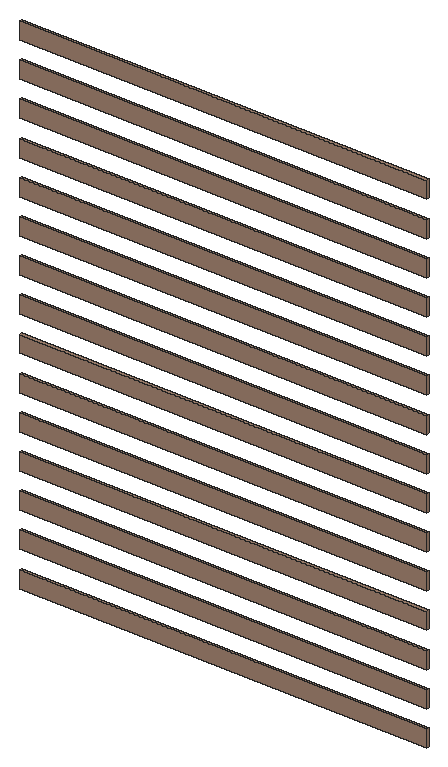
Revit family "KLS - wooden curtain wall", category Curtain Panels, Revit 2014
Parameters
  plank_number [instance] = panel_height / 300 mm  # 15
  panel_height [instance] = 4500 mm
  C_KLS_Length_CW [instance] = 3600 mm
Reference planes
  plane 1 "Center (Front/Back)": y = 0
  plane 2: z = 0
  plane 3 "Center (Left/Right)": x = 0
  plane 4 "Left": x = -1800
  plane 5 "Right": x = 1800
  plane 6 "Top": z = 4500
Text (mm)
  text "Exterior" at (-2351.972, 1416.179, 0), in view "Ref. Level"
  text "Exterior" at (0, 2290.741, 4406.713), in view "Left"
  text "Exterior" at (0, 1328.187, 4120.349), in view "Right"
Dimensions and locks
  equal spacing: plane 4 "Left", plane 3 "Center (Left/Right)", plane 5 "Right"
  "panel_height": plane 2 to plane 6 "Top"
  "C_KLS_Length_CW": plane 4 "Left" to plane 5 "Right"
  equal spacing: group 1, group 3, group 4, group 5, group 6, group 7, group 8, group 9, group 10, group 11, group 12, group 13, group 14, group 15, group 2  (x3)
  aligned and locked: level to plane 2
  aligned and locked: nested 1 to plane 2
  aligned and locked: nested 1 to plane 5 "Right"
  aligned and locked: nested 1 to plane 4 "Left"
  aligned and locked: nested 2 to plane 6 "Top"
  aligned and locked: nested 2 to plane 4 "Left"
  aligned and locked: nested 2 to plane 5 "Right"
Nested families
  nested 1: "KLS - plank_curtain wall panel" at (-1800, 0, 0), length <- "C_KLS_Length_CW", type "KLS - plank 2cmx15cm_wood"
    with length 3600 mm
  nested 2: "KLS - plank_curtain wall panel" at (-1800, 0, 4350), length <- "C_KLS_Length_CW", type "KLS - plank 2cmx15cm_wood"
    with length 3600 mm
  nested 3: "KLS - plank_curtain wall panel" at (-1800, 0, 310.714), length <- "C_KLS_Length_CW", type "KLS - plank 2cmx15cm_wood"
    with length 3600 mm
  nested 4: "KLS - plank_curtain wall panel" at (-1800, 0, 621.429), length <- "C_KLS_Length_CW", type "KLS - plank 2cmx15cm_wood"
    with length 3600 mm
  nested 5: "KLS - plank_curtain wall panel" at (-1800, 0, 932.143), length <- "C_KLS_Length_CW", type "KLS - plank 2cmx15cm_wood"
    with length 3600 mm
  nested 6: "KLS - plank_curtain wall panel" at (-1800, 0, 1242.857), length <- "C_KLS_Length_CW", type "KLS - plank 2cmx15cm_wood"
    with length 3600 mm
  nested 7: "KLS - plank_curtain wall panel" at (-1800, 0, 1553.571), length <- "C_KLS_Length_CW", type "KLS - plank 2cmx15cm_wood"
    with length 3600 mm
  nested 8: "KLS - plank_curtain wall panel" at (-1800, 0, 1864.286), length <- "C_KLS_Length_CW", type "KLS - plank 2cmx15cm_wood"
    with length 3600 mm
  nested 9: "KLS - plank_curtain wall panel" at (-1800, 0, 2175), length <- "C_KLS_Length_CW", type "KLS - plank 2cmx15cm_wood"
    with length 3600 mm
  nested 10: "KLS - plank_curtain wall panel" at (-1800, 0, 2485.714), length <- "C_KLS_Length_CW", type "KLS - plank 2cmx15cm_wood"
    with length 3600 mm
  nested 11: "KLS - plank_curtain wall panel" at (-1800, 0, 2796.429), length <- "C_KLS_Length_CW", type "KLS - plank 2cmx15cm_wood"
    with length 3600 mm
  nested 12: "KLS - plank_curtain wall panel" at (-1800, 0, 3107.143), length <- "C_KLS_Length_CW", type "KLS - plank 2cmx15cm_wood"
    with length 3600 mm
  nested 13: "KLS - plank_curtain wall panel" at (-1800, 0, 3417.857), length <- "C_KLS_Length_CW", type "KLS - plank 2cmx15cm_wood"
    with length 3600 mm
  nested 14: "KLS - plank_curtain wall panel" at (-1800, 0, 3728.571), length <- "C_KLS_Length_CW", type "KLS - plank 2cmx15cm_wood"
    with length 3600 mm
  nested 15: "KLS - plank_curtain wall panel" at (-1800, 0, 4039.286), length <- "C_KLS_Length_CW", type "KLS - plank 2cmx15cm_wood"
    with length 3600 mm
Definition of nested family "KLS - plank_curtain wall panel"
  Parameters (values of type "KLS - plank 2cmx15cm_wood")
    thickness = 20 mm
    length [instance] = 1709.195 mm
    height = 150 mm
    Wood = KLS - Wood (Oak)
  Types (4, lengths in mm): name | height
    (no name) | 150
    KLS - plank 2cmx20cm_wood | 200
    KLS - plank 2cm25cm_wood | 250
    KLS - plank 2cmx15cm_wood | 150
  Reference planes
    plane 1 "Center (Front/Back)": y = 0
    plane 2: z = 0
    plane 3 "Center (Left/Right)": x = 0
    plane 4: y = 20
    plane 5: x = 1709.195
    plane 6: z = 150
  Forms (mm)
    Extrusion 1, solid, material "KLS - Wood (Oak)" <- "Wood"
      sketch origin (0, 0, 0) x (1, 0, 0) y (0, 1, 0)
        loop
          line (0, 20) -> (0, 0) -> (1709.195, 0) -> (1709.195, 20) -> (0, 20)
      from 0 to 150
  Dimensions and locks
    "length": plane 3 "Center (Left/Right)" to plane 5
    "thickness": plane 4 to plane 1 "Center (Front/Back)"
    "height": plane 6 to plane 2
    aligned and locked: level to plane 2
    aligned and locked: Extrusion 1 sketch curve to plane 4
    aligned and locked: plane 3 "Center (Left/Right)" to Extrusion 1 sketch curve
    aligned and locked: Extrusion 1 sketch curve to plane 1 "Center (Front/Back)"
    aligned and locked: Extrusion 1 sketch curve to plane 5
    aligned and locked: plane 6 to Extrusion 1
